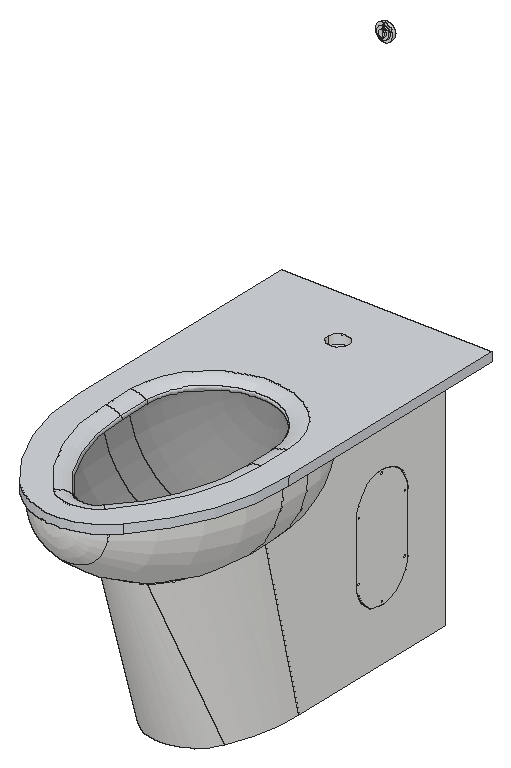
Revit family "Toilet-Floor_Outlet-Whitehall-BestCare-WH2142-ADA-W-EGE10_Series", category Plumbing Fixtures, host Face, Revit 2018
Family settings
  Host = Face
  Round Connector Dimension = Use Diameter
  Part Type = Normal
  OmniClass Number = 23.45.05.21.11.11
  OmniClass Title = Water Operated Water Closets
  Cut with Voids When Loaded = No
  Shared = Yes
  Room Calculation Point = No
Parameters (values of type "WH2142-ADA-W-3-EGE10_10")
  Width = 14 3/4"  # constant formula
  Waste Connection Radius = Waste Connection Diameter / 2  # 1 3/16"
  Waste Connection Distance From Wall = 10"
  Waste Connection Diameter = 2 3/8"  # constant formula
  Waste Connection = yes
  WFU = 5
  Vent Connection = no
  URL = "http://www.whitehallmfg.com"
  Type Comments = ""
  Seat Cover WH-LRSC-WHITE Ligature Resistant Seat Cover, White (Shipped Loose) = no
  Seat Cover WH-LRSC-BLUE Ligature Resistant Seat Cover, Dignity Blue (Shipped Loose) = no
  Seat Cover WH-LRSC-BLACK Ligature Resistant Seat Cover, Black (Shipped Loose) = no
  Seat Cover Material = Stainless Steel-Whitehall-WH-LRSC_GRAY
  Revised Date = "04/21/2022"  # constant formula
  Product Page URL = "https://www.whitehallmfg.com/product.aspx?ProductId=1065"
  Product Documentation Link = "https://www.whitehallmfg.com/uploads/fileLibrary/WH2142-ADA-W.pdf"
  Price = "Prices may vary. Please consult Manufacturer Representative for most up-to-date price list."  # constant formula
  Model = "WH2142-ADA-W-3-EGE10_10"
  Minimum Flowing Pressure = 25.00 psi  # constant formula
  Material = "Stainless Steel-Whitehall-Powder Coated White"  # constant formula
  Manufacturer = "Whitehall Mfg"  # constant formula
  Length = 29 1/4"  # constant formula
  Installation Type = "Floor Mounted"  # constant formula
  Inlet Connection Radius = Inlet Connection Diameter / 2  # 3/4"
  Inlet Connection Height = 16"  # constant formula
  Inlet Connection Diameter = 1 1/2"  # constant formula
  Height = 18 3/8"  # constant formula
  HWFU = 0
  HW Connection = no
  Flush Valve Height Constraint = if(Flush Valve Height < 19", 19", (if(Flush Valve Height > 36", 36", Flush Valve Height)))  # 36"
  Flush Valve Height = 36"
  Flush Rate = "1.28 gpf"  # constant formula
  Description = "Whitehall Ligature Resistant Cistern Tank Toilet"
  Default Elevation = 0"
  Creation Date = "01/21/2021"  # constant formula
  Connection Type = "1-1/2\" Female NPT Inlet Connection"
  CWFU = 5
  CW Connection = yes
  Bowl Shape = "Elongated"  # constant formula
  Body Material = Stainless Steel-Whitehall-Powder Coated White
  Assembly Code = "D2010110"
  ADA Compliant = yes
  -ULF 1.6 Hydraulic GPF = no
  -HET 1.28 Hydraulic GPF = no
Types (3): name | Waste Connection Distance From Wall | Model
  (no name) | 10" | "WH2142-ADA-W-3-EGE10_10"
  WH2142-ADA-W-3-EGE10_10 | 10" | "WH2142-ADA-W-3-EGE10_10"
  WH2142-ADA-W-3-EGE10_12 | 12" | "WH2142-ADA-W-3-EGE10_12"
Reference planes (in)
  plane 1 "Center (Front/Back)": y = 1.5
  plane 2: z = 0
  plane 3 "Center (Left/Right)": x = 0
  plane 4: x = -8.5625
  plane 5: x = 8.5625
  plane 6: y = -27.75
  plane 7: x = 7.375
  plane 8: x = -7.375
  plane 9: z = 16
  plane 10: z = 18.375
  plane 11: x = 4.25
  plane 12: x = -4.25
  plane 13: z = 36
  plane 14: x = 4.0625
  plane 15: x = -4.0625
  plane 16: x = -4.0625
  plane 17: x = 4.0625
  plane 18: y = -8.5
Forms (in)
  Extrusion 1, solid
    sketch origin (0, 1.5, 0) x (1, 0, 0) y (0, 0, 1)
      loop
        circle (0, 16) r 0.75
    from 0 to 2
  Blend 2, solid, material "Stainless Steel-Whitehall-Powder Coated White" <- "Body Material"
    base sketch origin (0, -1.72011, 3) x (1, 0, 0) y (0, 1, 0)
      loop
        line (4.0625, 3.22011) -> (-4.0625, 3.22011) -> (-4.0625, -9.55903)
        arc (-4.0625, -9.55903) -> (-3.78724, -12.19861) -> (-2.97331, -14.7246) r 12.79364
        arc (-2.97331, -14.7246) -> (0, -16.66238) -> (2.97331, -14.7246) r 3.25
        arc (2.97331, -14.7246) -> (3.78724, -12.19861) -> (4.0625, -9.55903) r 12.79364
        line (4.0625, -9.55903) -> (4.0625, 3.22011)
    top sketch origin (0, -1.72011, 3) x (1, 0, 0) y (0, 1, 0)
      loop
        line (-4.0625, 3.22011) -> (-4.0625, -12.55903)
        arc (-4.0625, -12.55903) -> (-3.43599, -16.51354) -> (-1.61783, -20.08074) r 12.79364
        arc (-1.61783, -20.08074) -> (0, -20.90489) -> (1.61783, -20.08074) r 2
        arc (1.61783, -20.08074) -> (3.43599, -16.51354) -> (4.0625, -12.55903) r 12.79364
        line (4.0625, -12.55903) -> (4.0625, 3.22011) -> (-4.0625, 3.22011)
    from -3 to 9.35933
  Revolve 3, solid, material "Stainless Steel-Whitehall-Powder Coated White" <- "Body Material"
    sketch origin (0, 1.25, 17.75) x (1, 0, 0) y (0, 1, 0)
      loop
        arc (-2.88823, -27.76733) -> (-1.57014, -28.67895) -> (0, -29) r 4
        line (0, -29) -> (0, -27.75)
        arc (0, -27.75) -> (-1.07947, -27.52928) -> (-1.98566, -26.90254) r 2.75
        arc (-1.98566, -26.90254) -> (-4.77373, -22.58152) -> (-5.75, -17.53261) r 13.54364
        line (-5.75, -17.53261) -> (-5.75, -15.28261)
        arc (-5.75, -15.28261) -> (-4.06586, -11.21675) -> (0, -9.53261) r 5.75
        line (0, -9.53261) -> (0, -8.28261)
        arc (0, -8.28261) -> (-4.94975, -10.33287) -> (-7, -15.28261) r 7
        line (-7, -15.28261) -> (-7, -17.53261)
        arc (-7, -17.53261) -> (-5.93362, -23.0475) -> (-2.88823, -27.76733) r 14.79364
      axis (0, -8.28261) -> (0, -29)
    angle from 0 to 180
  Blend 4, solid, material "Stainless Steel-Whitehall-Powder Coated White" <- "Body Material"
    base sketch origin (0, -2.10102, 3) x (1, 0, 0) y (0, 1, 0)
      loop
        line (-4.0625, 3.60102) -> (-4.0625, -9.93316)
        arc (-4.0625, -9.93316) -> (0, -6.93159) -> (4.0625, -9.93316) r 4.25
        line (4.0625, -9.93316) -> (4.0625, 3.60102) -> (-4.0625, 3.60102)
    top sketch origin (0, -2.10102, 3) x (1, 0, 0) y (0, 1, 0)
      loop
        line (-4.0625, 3.60102) -> (-4.0625, -6.33302)
        arc (-4.0625, -6.33302) -> (0, -3.73884) -> (4.0625, -6.33302) r 4.47804
        line (4.0625, -6.33302) -> (4.0625, 3.60102) -> (-4.0625, 3.60102)
    from 9.35933 to 14.75
  Extrusion 5, solid
    sketch origin (0, 0, 3) x (1, 0, 0) y (0, 1, 0)
      loop
        arc (3.64748, -26.1006) -> (6.41176, -21.5335) -> (7.375, -16.28261) r 14.79364
        line (7.375, -16.28261) -> (7.375, 1.5) -> (-7.375, 1.5) -> (-7.375, -16.28261)
        arc (-7.375, -16.28261) -> (-6.41176, -21.5335) -> (-3.64748, -26.1006) r 14.79364
        arc (-3.64748, -26.1006) -> (0, -27.74061) -> (3.64748, -26.1006) r 4.8761
      loop
        line (-5.75, -14.03261) -> (-5.75, -16.28261)
        arc (-5.75, -16.28261) -> (-4.77373, -21.33152) -> (-1.98566, -25.65254) r 13.54364
        arc (-1.98566, -25.65254) -> (0, -26.5) -> (1.98566, -25.65254) r 2.75
        arc (1.98566, -25.65254) -> (4.77373, -21.33152) -> (5.75, -16.28261) r 13.54364
        line (5.75, -16.28261) -> (5.75, -14.03261)
        arc (5.75, -14.03261) -> (0, -8.28261) -> (-5.75, -14.03261) r 5.75
      loop
        circle (0, -2.75) r 0.75
    from 14.75 to 15.375
  Revolve 6, void
    sketch origin (0, 0, 17.75) x (1, 0, 0) y (0, 1, 0)
      loop
        arc (0, -9.3919) -> (-4.76587, -10.58976) -> (-6.86573, -15.03261) r 5.75
        line (-6.86573, -15.03261) -> (-6.86573, -16.86882)
        arc (-6.86573, -16.86882) -> (-5.88946, -21.91773) -> (-3.10139, -26.23875) r 13.54364
        arc (-3.10139, -26.23875) -> (-1.64725, -27.03435) -> (0, -26.8497) r 2.75
        line (0, -26.8497) -> (0, -9.3919)
      axis (0, -9.3919) -> (0, -26.8497)
    angle from 0 to 180
  Extrusion 7, void
    sketch origin (4.25, 0.75788, -0.13044) x (0, -1, 0) y (0, 0, 1)
      loop
        arc (2.50788, 6.09537) -> (4.75788, 3.84537) -> (7.00788, 6.09537) r 2.25
        line (7.00788, 6.09537) -> (7.00788, 10.14454)
        arc (7.00788, 10.14454) -> (4.75788, 12.39454) -> (2.50788, 10.14454) r 2.25
        line (2.50788, 10.14454) -> (2.50788, 6.09537)
      loop
        arc (6.97663, 10.14454) -> (4.75788, 12.36329) -> (2.53913, 10.14454) r 2.21875
        line (2.53913, 10.14454) -> (2.53913, 6.09537)
        arc (2.53913, 6.09537) -> (4.75788, 3.87662) -> (6.97663, 6.09537) r 2.21875
        line (6.97663, 6.09537) -> (6.97663, 10.14454)
      loop
        circle (6.78124, 10.18236) r 0.125
      loop
        circle (4.76226, 12.16582) r 0.125
      loop
        circle (2.74328, 10.18236) r 0.125
      loop
        circle (2.74328, 6.05699) r 0.125
      loop
        circle (6.78124, 6.05699) r 0.125
      loop
        circle (4.76226, 4.0741) r 0.125
    from 0 to 12
  Sweep 8, solid
    path origin (0, 1.25, 3) x (1, 0, 0) y (0, 1, 0)
      loop
        arc (-5.75, -17.53261) -> (-4.77373, -22.58152) -> (-1.98566, -26.90254) r 13.54364
        arc (-1.98566, -26.90254) -> (0, -27.75) -> (1.98566, -26.90254) r 2.75
        arc (1.98566, -26.90254) -> (4.77373, -22.58152) -> (5.75, -17.53261) r 13.54364
        line (5.75, -17.53261) -> (5.75, -15.28261)
        arc (5.75, -15.28261) -> (0, -9.53261) -> (-5.75, -15.28261) r 5.75
        line (-5.75, -15.28261) -> (-5.75, -17.53261)
    profile origin (-5.75, -15.15761, 3) x (-1, 0, 0) y (0, 0, 1)
      loop
        line (0, 15.375) -> (-0.25, 15.375)
        arc (-0.25, 15.375) -> (-0.8128, 15.28541) -> (-1.31996, 15.02549) r 1.8125
        arc (-1.31996, 15.02549) -> (-1.37488, 14.85511) -> (-1.22997, 14.75) r 0.15244
        line (-1.22997, 14.75) -> (0, 14.75) -> (0, 15.375)
  Revolve 9, solid, material "Stainless Steel-Whitehall-Powder Coated White" <- "Body Material"
    sketch origin (0, -4.88957, 0) x (0, 1, 0) y (0, 0, 1)
      loop
        line (6.06244, 36.23125) -> (5.97233, 36.23125) -> (5.97233, 36) -> (6.38957, 36) -> (6.38957, 36.61875) -> (6.17859, 36.61875) -> (6.17859, 36.41875) -> (6.06244, 36.41875) -> (6.06244, 36.23125)
      axis (5.97233, 36) -> (6.38957, 36)
    angle from 0 to 360
  Extrusion 10, solid, material "Stainless Steel-Whitehall-Powder Coated White" <- "Body Material", not visible
    sketch origin (-7.375, 1.5, 0) x (1, 0, 0) y (0, 1, 0)
      loop
        circle (7.375, -10) r 1.1875
    from 0 to 0.89958
Cuts and joins
  Revolve 6, Extrusion 7 cuts Blend 2
  joined: Blend 2, Blend 4
  Revolve 6 cuts Extrusion 5
  joined: Extrusion 5, Sweep 8
Lines and regions (in)
  Masking region 1
    outline origin (0, 0, 0) x (1, 0, 0) y (0, 1, 0)
      loop
        line (7.375, 1.5) -> (-7.375, 1.5) -> (-7.375, -16.28261)
        arc (-7.375, -16.28261) -> (-6.41176, -21.5335) -> (-3.64748, -26.1006) r 14.79364
        arc (-3.64748, -26.1006) -> (0, -27.74061) -> (3.64748, -26.1006) r 4.8761
        arc (3.64748, -26.1006) -> (6.41176, -21.5335) -> (7.375, -16.28261) r 14.79364
        line (7.375, -16.28261) -> (7.375, 1.5)
  Split face 1
    outline origin (7.375, 1.5, 18.375) x (0, 1, 0) y (-1, 0, 0)
      loop
        arc (-13.25, 14.75) -> (-9.71447, 13.28553) -> (-8.25, 9.75) r 5
        line (-8.25, 9.75) -> (-8.25, 5)
        arc (-8.25, 5) -> (-9.71447, 1.46447) -> (-13.25, 0) r 5
  symbolic lines, detail levels medium+fine
    curve 1: arc (1.01213, -24.64152, 0) -> (3.86392, -19.60265, 0) -> (4.36709, -13.83465, 0) r 13.63167
    curve 2: arc (-2.84102, -10.56411, 0) -> (0.94981, -9.68557, 0) -> (3.9375, -12.17876, 0) r 4.36873
    curve 3: arc (3.9375, -12.17876, 0) -> (4.21866, -12.98949, 0) -> (4.36709, -13.83465, 0) r 5.36995
    curve 4: arc (-1.01213, -24.64152, 0) -> (-3.86392, -19.60265, 0) -> (-4.36709, -13.83465, 0) r 13.63167
    curve 5: arc (-2.84102, -10.56411, 0) -> (-3.88705, -12.06733, 0) -> (-4.36709, -13.83465, 0) r 5.36995
    curve 6: arc (-1.01213, -24.64152, 0) -> (0, -25.09459, 0) -> (1.01213, -24.64152, 0) r 1.35705
    curve 10: circle (0, -2.75, 0) r 0.75 normal (0, 0, -1)
    curve 11: line (-0.23125, 1.08276, 0) -> (0.23125, 1.08276, 0)
    curve 12: line (-0.41875, 1.17287, 0) -> (0.41875, 1.17287, 0)
    curve 13: line (-0.61875, 1.28901, 0) -> (0.61875, 1.28901, 0)
    curve 14: line (-0.61875, 1.28901, 0) -> (-0.61875, 1.5, 0)
    curve 15: line (-0.41875, 1.28901, 0) -> (-0.41875, 1.17287, 0)
    curve 16: line (-0.23125, 1.08276, 0) -> (-0.23125, 1.17287, 0)
    curve 17: line (0.61875, 1.28901, 0) -> (0.61875, 1.5, 0)
    curve 18: line (0.41875, 1.28901, 0) -> (0.41875, 1.17287, 0)
    curve 19: line (0.23125, 1.08276, 0) -> (0.23125, 1.17287, 0)
  symbolic lines, detail levels fine
    curve 7: arc (-7.375, -11.75, 0) -> (-5.91053, -8.21447, 0) -> (-2.375, -6.75, 0) r 5
    curve 8: line (-2.375, -6.75, 0) -> (2.375, -6.75, 0)
    curve 9: arc (7.375, -11.75, 0) -> (5.91053, -8.21447, 0) -> (2.375, -6.75, 0) r 5
Dimensions and locks (in)
  plane 5 to plane 4 = 17 1/8"
  "Length": plane 6 to plane 1 "Center (Front/Back)"
  "Width": plane 8 to plane 7
  "Inlet Connection Height": plane 9 to level
  "Height": plane 10 to host face
  equal spacing: plane 12, plane 3 "Center (Left/Right)", plane 11, locked at 4.25 each
  "Flush Valve Height Constraint": plane 13 to host face
  "Waste Connection Distance From Wall": plane 1 "Center (Front/Back)" to plane 18
  "Inlet Connection Diameter": diameter of Extrusion 1 sketch curve
  "Waste Connection Diameter": diameter of Extrusion 10 sketch curve
  aligned and locked: plane 2 to host face
  aligned and locked: level to host face
  aligned and locked: plane 3 "Center (Left/Right)" to Extrusion 1 sketch curve
  aligned and locked: plane 9 to Extrusion 1 sketch curve
  aligned and locked: Blend 2 to level
  aligned and locked: Revolve 9 sketch curve to Revolve 9 sketch curve
  aligned and locked: curve 10 to cut or joined group of Extrusion 5, Revolve 6, Sweep 8
  aligned and locked: curve 11 to Revolve 9
  aligned and locked: curve 12 to Revolve 9
  aligned and locked: curve 13 to Revolve 9
  aligned and locked: Extrusion 10 sketch curve to plane 18
  aligned and locked: plane 3 "Center (Left/Right)" to Extrusion 10 sketch curve
Automatic sketch dimensions
  host sketch curve to host sketch curve = 96"  (x2)
  plane 1 "Center (Front/Back)" to Masking region 1 sketch curve = 0"
  Masking region 1 sketch curve to plane 8 = 0"
  Masking region 1 sketch curve to plane 3 "Center (Left/Right)" = 0"
  Masking region 1 sketch curve to plane 7 = 0"
  Masking region 1 sketch curve to Masking region 1 sketch curve = 0.04364"  (x2)
  Masking region 1 sketch curve to Masking region 1 sketch curve = 0"  (x2)
  Masking region 1 sketch curve to plane 6 = 4.88549"
  Blend 2 sketch curve to plane 15 = 0"
  Blend 2 sketch curve to plane 3 "Center (Left/Right)" = 0"  (x2)
  plane 1 "Center (Front/Back)" to Blend 2 sketch curve = 0"  (x2)
  Blend 2 sketch curve to plane 14 = 0"
  Blend 2 sketch curve to plane 4 = 0.16864"  (x2)
  plane 5 to Blend 2 sketch curve = 0.16864"  (x2)
  Blend 2 sketch curve to Blend 2 sketch curve = 0"  (x4)
  plane 12 to Blend 2 sketch curve = 3/16"
  plane 11 to Blend 2 sketch curve = 3/16"
  Blend 2 sketch curve to plane 6 = 7 1/8"
  Revolve 3 sketch curve to Revolve 3 sketch curve = 0"  (x6)
  Revolve 3 sketch curve to plane 3 "Center (Left/Right)" = 0"  (x3)
  plane 6 to Revolve 3 sketch curve = 0"
  Revolve 3 sketch curve to plane 12 = 1 1/2"
  Revolve 3 sketch curve to plane 8 = 3/8"
  plane 7 to Revolve 3 sketch curve = 0.41864"
  Revolve 3 sketch curve to Revolve 3 sketch curve = 1 1/4"
  Revolve 3 sketch curve to Revolve 3 sketch curve = 2 3/4"
  Revolve 3 sketch curve to Revolve 3 sketch curve = 1"
  plane 1 "Center (Front/Back)" to Blend 4 sketch curve = 0"  (x2)
  Blend 4 sketch curve to plane 16 = 0"
  Blend 4 sketch curve to plane 3 "Center (Left/Right)" = 0"  (x2)
  Blend 4 sketch curve to plane 17 = 0"
  plane 12 to Blend 4 sketch curve = 3/16"
  plane 11 to Blend 4 sketch curve = 3/16"
  plane 1 "Center (Front/Back)" to Extrusion 5 sketch curve = 0"
  Extrusion 5 sketch curve to plane 8 = 0"
  Extrusion 5 sketch curve to plane 3 "Center (Left/Right)" = 0"  (x4)
  Extrusion 5 sketch curve to plane 7 = 0"
  Extrusion 5 sketch curve to Extrusion 5 sketch curve = 0.04364"  (x2)
  Extrusion 5 sketch curve to Extrusion 5 sketch curve = 3/8"  (x2)
  Extrusion 5 sketch curve to plane 12 = 1 1/2"
  plane 1 "Center (Front/Back)" to Extrusion 5 sketch curve = 4 1/4"
  Extrusion 5 sketch curve to Extrusion 5 sketch curve = 2 1/4"
  Extrusion 5 sketch curve to Extrusion 5 sketch curve = 0"  (x5)
  Extrusion 5 sketch curve to plane 6 = 4.88549"
  Extrusion 5 sketch curve to Extrusion 5 sketch curve = 0.88549"
  Revolve 6 sketch curve to plane 3 "Center (Left/Right)" = 0"  (x2)
  Revolve 6 sketch curve to plane 3 "Center (Left/Right)" = 1.11573"  (x2)
  Revolve 6 sketch curve to plane 8 = 0.50927"
  Revolve 6 sketch curve to plane 7 = 0.69709"
  Revolve 6 sketch curve to plane 6 = 0.9003"
  Revolve 6 sketch curve to Revolve 6 sketch curve = 2.51349"
  Revolve 6 sketch curve to Revolve 6 sketch curve = 1.83621"
  Revolve 6 sketch curve to Revolve 6 sketch curve = 0.33621"
  Sweep 8 sketch curve to plane 3 "Center (Left/Right)" = 0"  (x2)
  Sweep 8 sketch curve to plane 12 = 1 1/2"
  plane 8 to Sweep 8 sketch curve = 0.41864"
  plane 7 to Sweep 8 sketch curve = 0.41864"
  Sweep 8 sketch curve to plane 6 = 4"
  Sweep 8 sketch curve to Sweep 8 sketch curve = 0"  (x2)
  Sweep 8 sketch curve to profile plane = 0"
  profile plane to Sweep 8 sketch curve = 1/4"
  Sweep 8 sketch curve to Sweep 8 sketch curve = 0.97997"
  profile plane to Sweep 8 sketch curve = 13 9/16"
  Sweep 8 sketch curve to Sweep 8 sketch curve = 1 3/16"
  Sweep 8 sketch curve to Sweep 8 sketch curve = 0.15244"
  Sweep 8 sketch curve to Sweep 8 sketch curve = 5/8"
  Revolve 9 sketch curve to plane 13 = 0"
  Revolve 9 sketch curve to plane 1 "Center (Front/Back)" = 0"
  plane 1 "Center (Front/Back)" to Revolve 9 sketch curve = 0.21099"
  Revolve 9 sketch curve to Revolve 9 sketch curve = 0.11615"
  Revolve 9 sketch curve to Revolve 9 sketch curve = 0.0901"
  plane 13 to Revolve 9 sketch curve = 0.23125"
  Revolve 9 sketch curve to Revolve 9 sketch curve = 3/16"
  Revolve 9 sketch curve to Revolve 9 sketch curve = 0.2"
  Revolve 9 sketch curve to Revolve 9 sketch curve = 11"
  Split face 1 sketch curve to cut or joined group of Extrusion 5, Revolve 6, Sweep 8 = 0"  (x2)
  Split face 1 sketch curve to Split face 1 sketch curve = 0"
  Split face 1 sketch curve to cut or joined group of Extrusion 5, Revolve 6, Sweep 8 = 3 1/8"
  Split face 1 sketch curve to cut or joined group of Extrusion 5, Revolve 6, Sweep 8 = 13 1/4"
  curve 6 to plane 3 "Center (Left/Right)" = 0"
  curve 2 to plane 3 "Center (Left/Right)" = 1/16"
  curve 3 to plane 3 "Center (Left/Right)" = 0.97922"
  curve 1 to plane 4 = 0.59232"
  plane 3 "Center (Left/Right)" to curve 5 = 0.97922"
  plane 5 to curve 4 = 0.59232"
  curve 6 to plane 6 = 4.01246"
  curve 3 to curve 5 = 0"
  curve 3 to curve 2 = 0.40259"
  curve 6 to plane 3 "Center (Left/Right)" = 1.01213"
  curve 4 to curve 6 = 0"
  curve 5 to plane 3 "Center (Left/Right)" = 2.84102"
  curve 1 to curve 6 = 0"
  curve 3 to curve 2 = 0"
  curve 4 to plane 6 = 12.18899"
  curve 6 to curve 1 = 9.0805"
  curve 4 to curve 5 = 1.22303"
  curve 5 to plane 12 = 0.11709"
  Masking region 1 sketch curve to Masking region 1 sketch curve = 6.5819"
  Blend 2 sketch curve to Blend 2 sketch curve = 12.77915"
  Blend 2 sketch curve to Blend 2 sketch curve = 3.85334"
  Blend 2 sketch curve to Blend 2 sketch curve = 6.34585"
  Revolve 3 sketch curve to Revolve 3 sketch curve = 6.46739"
  Revolve 3 sketch curve to Revolve 3 sketch curve = 2 1/4"
  Revolve 3 sketch curve to Revolve 3 sketch curve = 2.46739"
  Blend 4 sketch curve to Blend 4 sketch curve = 13.53418"
  Blend 4 sketch curve to Blend 4 sketch curve = 1.24844"
  Blend 4 sketch curve to Blend 4 sketch curve = 9.93404"
  Blend 4 sketch curve to Blend 4 sketch curve = 1.88386"
  Extrusion 5 sketch curve to Extrusion 5 sketch curve = 6.5819"
  Revolve 6 sketch curve to Revolve 6 sketch curve = 7.13118"
  Revolve 6 sketch curve to Revolve 6 sketch curve = 2.6081"
  Sweep 8 sketch curve to Sweep 8 sketch curve = 7.46739"
  Sweep 8 sketch curve to Sweep 8 sketch curve = 2 1/4"
  Revolve 9 sketch curve to Revolve 9 sketch curve = 6.58276"
  Extrusion 7 sketch curve to Extrusion 7 sketch curve = 0"  (x5)
  Extrusion 7 sketch curve to Extrusion 7 sketch curve = 1/32"
  Extrusion 7 sketch curve to Extrusion 7 sketch curve = 0.20415"  (x2)
  level to Extrusion 7 sketch curve = 3.94366"
  Extrusion 7 sketch curve to Extrusion 7 sketch curve = 1.98289"  (x2)
  Extrusion 7 sketch curve to Extrusion 7 sketch curve = 0.03839"
  Extrusion 7 sketch curve to Extrusion 7 sketch curve = 4.04917"
  Extrusion 7 sketch curve to Extrusion 7 sketch curve = 0.03781"  (x2)
  Extrusion 7 sketch curve to Extrusion 7 sketch curve = 2.02127"
  curve 7 to Masking region 1 = 0"
  curve 14 to Masking region 1 = 0"
  curve 17 to Masking region 1 = 0"
  curve 9 to Masking region 1 = 0"
  curve 8 to curve 10 = 2 3/8"
  curve 14 to curve 10 = 0.61875"
  curve 13 to curve 15 = 0.2"
  curve 12 to curve 11 = 3/16"
  curve 7 to curve 9 = 4 3/4"
  curve 8 to curve 10 = 4"
  curve 16 to curve 13 = 0.84999"
  curve 19 to curve 18 = 3/16"
  curve 18 to curve 17 = 0.2"
  plane 1 "Center (Front/Back)" to Extrusion 7 sketch curve = 3 1/4"
  Extrusion 7 sketch curve to Extrusion 7 sketch curve = 2.0146"
  Extrusion 7 sketch curve to Extrusion 7 sketch curve = 0.00438"  (x2)
  Extrusion 7 sketch curve to Extrusion 7 sketch curve = 0.19539"  (x2)
  radius of Extrusion 5 sketch curve = 3/4"
  radius of Extrusion 7 sketch curve = 1/8"  (x6)
Connectors (in)
  piping at (0, 1.5, 16), diameter 1.5, driven by "Inlet Connection Diameter", driven by "Connection Type", driven by "CWFU"
    settings: on Extrusion 1, index 2, connector inside diameter 24", connector length 0", flow factor 0, pipe flow 0 GPM, pressure drop 0.00 psi, fitting loss kfactor 0, connector angle 0.00°, fixture units 5, engagement length 0", angle of deflection 0.00°, flow configuration 3, flow direction 1, fitting loss method 0, system type 20, joint type 0, gender type 0, connector reference index -1, connector utility 0, adjustable connector no, is connector primary yes, connector description "1-1/2\" Female NPT Inlet Connection"
  piping at (0, -8.5, 0), diameter 2.375, driven by "Waste Connection Diameter", driven by "WFU"
    settings: on Extrusion 10, index 3, connector inside diameter 24", connector length 0", flow factor 0, pipe flow 0 GPM, pressure drop 0.00 psi, fitting loss kfactor 0, connector angle 0.00°, fixture units 5, engagement length 0", angle of deflection 0.00°, flow configuration 3, flow direction 2, fitting loss method 0, system type 16, joint type 0, gender type 0, connector reference index -1, connector utility 0, adjustable connector no, is connector primary no, connector description "2 3/8\" Waste Connection Outlet"
